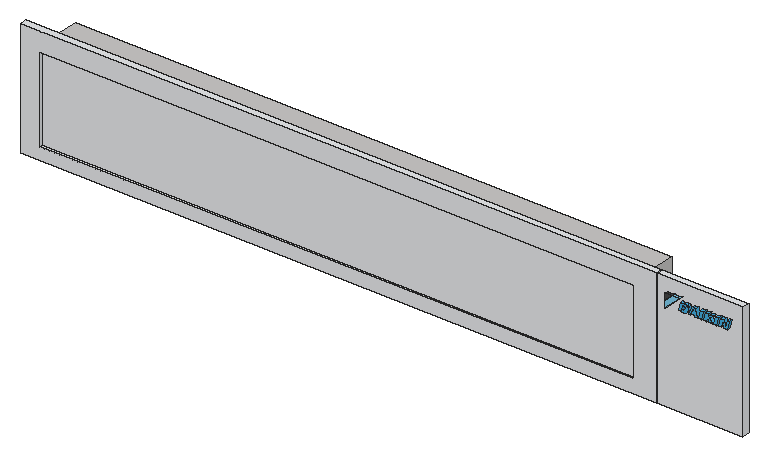
Revit family "outputfile", category 制気口, Revit 2024
Family settings
  丸型コネクタ寸法 = 直径を使用
  パーツ タイプ = 標準
  OmniClass 番号 = 23.75.70.21.27.11
  OmniClass タイトル = Diffusers, Registers, and Grilles
  作業面ベース = いいえ
  常に垂直 = はい
  ロード時にボイドで切り取り = いいえ
  注釈の向きを維持 = いいえ
  共有 = いいえ
  部屋計算ポイント = いいえ
Parameters (values of type "FPRAQ63APVM")
  Description = ""
  製造元 = "Daikin"
  書き出し IFC クラス(タイプ) = "IfcAirTerminalType"
  Default Elevation = 0 mm
  定義済み IFC タイプ(タイプ) = "GRILLE"
  Cost = 0
  モデル = "FPRAQ63APVM"
  Type Comments = ""
  Keynote = ""
  Type Image = (empty or 0)
  Assembly Code = ""
  Width = 1122 mm
  Version = "ver.1.0"
  Unit Type = "Moisture Control 3D Air Flow Ceiling Mounted Duct Type"
  Unit Designation [instance] = ""
  Uniclass2015Version = "Products v1.35"
  Uniclass2015Title = "Air grilles"
  Uniclass2015Code = "Pr_70_65_04_03"
  URL = ""
  Series = "VRV Fan Coil Unit"
  SA Duct Size Width = 856 mm
  SA Duct Size Height = 141 mm
  Material_Grille = DAIKIN_FreshWhite_Panel_indoorunit
  IfcVersion = ""
  IfcExportType = "GRILLE"
  IfcExportAs = "IfcAirTerminalType"
  Height = 180 mm
  FCU Tag No. [instance] = ""
  Design Supply Airflow [instance] = 0.00 m³/h
  Depth = 70 mm
Reference planes
  plane 1 "Center (Front/Back)": y = 0
  plane 2: z = 90
  plane 3 "Center (Left/Right)": x = 10
  plane 4: x = 571
  plane 5: x = 437
  plane 6: x = -551
  plane 7: z = -90
  plane 8: z = -90
  plane 9: z = -75
  plane 10: x = 504
  plane 11: x = -521
  plane 12 "Center (Elevation)": z = 0
  plane 13: y = -10
  plane 14: y = -5
  plane 15: y = 60
  plane 16: z = 70.5
  plane 17: x = 405
  plane 18: z = 60
  plane 19: z = -23
  plane 20: z = -70.5
  plane 21: x = 508.5
  plane 22: x = 468
  plane 23: x = -58
Forms (mm)
  Extrusion 1, solid, material "DAIKIN_FreshWhite_Panel_indoorunit" <- "Material_Grille"
    sketch origin (10, 0, 0) x (0, 1, 0) y (0, 0, 1)
      loop
        line (0, 90) -> (-10, 90) -> (-10, -90) -> (0, -90) -> (0, 90)
    from 427 to 561
  Extrusion 2, solid, material "DAIKIN_FreshWhite_Panel_indoorunit" <- "Material_Grille"
    sketch origin (10, 0, 0) x (0, 1, 0) y (0, 0, 1)
      loop
        line (-10, 90) -> (-10, -90) -> (0, -90) -> (0, 90) -> (-10, 90)
    from -561 to 427
  Extrusion 3, void
    sketch origin (0, 0, 0) x (1, 0, 0) y (0, 0, 1)
      loop
        line (-521, 61) -> (-521, -70.5) -> (400.5, -70.5) -> (400.5, 61) -> (-521, 61)
    from 10 to 5
  Extrusion 4, solid, material "DAIKIN_GalvanizedSteel_Casing_indoorunit"
    sketch origin (0, 0, 0) x (1, 0, 0) y (0, 1, 0)
      loop
        line (-521, 60) -> (-521, 0) -> (405, 0) -> (405, 60) -> (-521, 60)
    from -70.5 to 70.5
  Extrusion 5, solid, material "DAIKIN_GalvanizedSteel_Casing_indoorunit"
    sketch origin (0, 0, 0) x (1, 0, 0) y (0, 1, 0)
      loop
        line (483.049, 33) -> (469.7, 19.651) -> (469.7, 0) -> (538.3, 0) -> (538.3, 33) -> (483.049, 33)
    from -23 to 60
Cuts and joins
  Extrusion 3 cuts Extrusion 2
  Extrusion 3 cuts Extrusion 1
Dimensions and locks
  locked: plane 2 to plane 7 at 180
  locked: plane 2 to Extrusion 3 sketch curve at 29
  locked: plane 2 to plane 9 at 165
  locked: plane 4 to plane 5 at 134
  locked: plane 11 to plane 6 at 30
  locked: plane 13 to plane 1 "Center (Front/Back)" at 10
  equal spacing: plane 13, plane 14, plane 1 "Center (Front/Back)"
  plane 6 to plane 3 "Center (Left/Right)" = 561 mm
  equal spacing: plane 4, plane 10, plane 5
  locked: plane 2 to plane 16 at 19.5
  locked: plane 17 to plane 4 at 166
  equal spacing: Extrusion 5 sketch curve, plane 10, Extrusion 5 sketch curve
  locked: Extrusion 5 sketch curve to Extrusion 5 sketch curve at 68.6
  locked: plane 1 "Center (Front/Back)" to Extrusion 5 sketch curve at 33
  plane 2 to plane 18 = 30 mm  (x2)
  locked: plane 19 to plane 8 at 67
  locked: plane 20 to plane 8 at 19.5
  "Width": plane 6 to plane 4
  "Depth": plane 15 to plane 13
  "Height": plane 2 to plane 8
  locked: plane 4 to plane 21 at 62.5
  locked: plane 22 to plane 5 at 31
  equal spacing: plane 17, plane 23, plane 11
  equal spacing: plane 4, plane 3 "Center (Left/Right)", plane 6
  aligned and locked: Extrusion 1 to plane 5
  aligned and locked: plane 4 to Extrusion 1
  aligned and locked: plane 7 to Extrusion 2 sketch curve
  aligned and locked: Extrusion 2 to Extrusion 1
  aligned and locked: Extrusion 2 to plane 6
  aligned and locked: Extrusion 3 to plane 11
  aligned and locked: Extrusion 1 sketch curve to plane 2
  aligned and locked: plane 2 to Extrusion 2 sketch curve
  aligned and locked: level to plane 12 "Center (Elevation)"
  aligned and locked: Extrusion 1 sketch curve to plane 1 "Center (Front/Back)"
  aligned and locked: plane 1 "Center (Front/Back)" to Extrusion 4 sketch curve
  aligned and locked: plane 14 to Extrusion 3
  aligned and locked: plane 1 "Center (Front/Back)" to Extrusion 2 sketch curve
  aligned and locked: plane 13 to Extrusion 2 sketch curve
  aligned and locked: Extrusion 2 to Extrusion 3
  aligned and locked: plane 13 to Extrusion 1 sketch curve
  aligned and locked: plane 15 to Extrusion 4
  aligned and locked: Extrusion 4 to cut or joined group of Extrusion 2, Extrusion 3
  aligned and locked: nested 1 to plane 16
  aligned and locked: plane 10 to nested 1
  aligned and locked: nested 1 to plane 13
  aligned and locked: plane 17 to Extrusion 4
  aligned and locked: Extrusion 5 sketch curve to plane 1 "Center (Front/Back)"
  aligned and locked: plane 18 to Extrusion 5
  aligned and locked: Extrusion 5 to plane 19
  aligned and locked: Extrusion 4 to plane 20
  aligned and locked: Extrusion 3 to Extrusion 4
  aligned and locked: Extrusion 4 to plane 16
  aligned and locked: Extrusion 1 sketch curve to plane 8
Automatic sketch dimensions
  plane 6 to Extrusion 3 sketch curve = 30 mm
  Extrusion 3 sketch curve to plane 5 = 36.5 mm
  Extrusion 4 sketch curve to plane 10 = 99 mm
  Extrusion 4 sketch curve to plane 11 = 0 mm
  Extrusion 4 sketch curve to plane 1 "Center (Front/Back)" = 60 mm
  Extrusion 5 sketch curve to Extrusion 5 sketch curve = 13.349 mm  (x2)
  plane 20 to Extrusion 3 sketch curve = 0 mm
Nested families
  nested 1: "daikin_logo_elevation_w100" at (519, -10, 45.5), type "daikin_logo_elevation_w100"
    with show_logo yes
Connectors
  hvac at (-58, 60, 0), driven by "SA Duct Size Height", driven by "SA Duct Size Width", driven by "Design Supply Airflow"
    settings: on Extrusion 4, index 1, duct flow 0.00 m³/h, flow factor 0, pres drop 0.0 Pa, loss coef 0, conn angle 0.00°, conn width 856.0 mm, conn height 141.0 mm, conn diameter 609.6 mm, duct sys type 1, conn prof type 1, flow config 1, flow direction 1, loss method 4, conn ref index -1, conn util no, is conn primary yes, conn desc "SA Duct"
Definition of nested family "daikin_logo_elevation_w100"
  Parameters (values of type "daikin_logo_elevation_w100")
    width = 100 mm
    show_logo [instance] = yes
    material = none
    height = 25 mm
    depth = 5 mm
    Default Elevation = 0 mm
  Reference planes
    plane 1 "Center (Front/Back)": y = 0
    plane 2: z = 0
    plane 3 "Center (Left/Right)": x = -15
    plane 4 "left": x = -65
    plane 5 "right": x = 35
    plane 6: y = -5
    plane 7: z = 25
  Forms (mm)
    Extrusion 1, solid
      sketch origin (0, 0, 0) x (1, 0, 0) y (0, 0, 1)
        loop
          line (-65, 25) -> (-65, 14.753) -> (-53.814, 25) -> (-65, 25)
      from 0 to 5
    Extrusion 2, solid
      sketch origin (0, 0, 0) x (1, 0, 0) y (0, 0, 1)
        loop
          line (-42.019, 25) -> (-53.814, 25) -> (-65, 14.753) -> (-65, 3.87) -> (-42.019, 25)
      from 0 to 5
    Extrusion 3, solid
      sketch origin (0, 0, 0) x (1, 0, 0) y (0, 0, 1)
        loop
          line (-35.602, 20.041) -> (-41.486, 20.041) -> (-44.428, 8.274) -> (-35.602, 8.274)
          arc (-35.602, 8.274) -> (-32.105, 8.983) -> (-29.415, 11.329) r 6.978
          arc (-29.415, 11.329) -> (-28.233, 14.382) -> (-28.637, 17.63) r 6.701
          arc (-28.637, 17.63) -> (-29.469, 18.814) -> (-30.709, 19.559) r 3.49
          arc (-30.709, 19.559) -> (-33.138, 19.976) -> (-35.602, 20.041) r 17.114
        loop
          line (-38.544, 10.627) -> (-36.191, 10.627)
          arc (-36.191, 10.627) -> (-34.383, 11.838) -> (-33.335, 13.745) r 4.6
          arc (-33.335, 13.745) -> (-33.193, 15.202) -> (-33.538, 16.625) r 4.404
          arc (-33.538, 16.625) -> (-34.051, 17.128) -> (-34.72, 17.393) r 1.818
          line (-34.72, 17.393) -> (-37.073, 17.393) -> (-38.544, 10.627)
        loop
          line (-29.13, 8.274) -> (-25.894, 8.274) -> (-24.791, 10.333) -> (-20.158, 10.333) -> (-19.717, 8.274) -> (-14.422, 8.274) -> (-16.775, 20.041) -> (-22.659, 20.041) -> (-29.13, 8.274)
        loop
          line (-23.373, 12.98) -> (-20.725, 12.98) -> (-21.482, 16.511) -> (-23.373, 12.98)
        loop
          line (-10.009, 20.041) -> (-12.951, 8.274) -> (-7.95, 8.274) -> (-5.008, 20.041) -> (-10.009, 20.041)
        loop
          line (-5.008, 8.274) -> (-0.007, 8.274) -> (0.792, 11.472) -> (3.229, 8.274) -> (9.407, 8.274) -> (4.7, 14.451) -> (11.466, 20.041) -> (6.171, 20.041) -> (2.093, 16.672) -> (2.935, 20.041) -> (-2.066, 20.041) -> (-5.008, 8.274)
        loop
          line (10.583, 8.274) -> (15.879, 8.274) -> (18.82, 20.041) -> (13.819, 20.041) -> (10.583, 8.274)
        loop
          line (18.82, 8.274) -> (22.35, 8.274) -> (24.013, 14.925) -> (26.175, 8.274) -> (32.058, 8.274) -> (35, 20.041) -> (31.47, 20.041) -> (29.679, 12.878) -> (27.351, 20.041) -> (21.762, 20.041) -> (18.82, 8.274)
      from 0 to 5
  Lines and regions (mm)
    model lines
      curve 1: line (-42.019, 0, 25) -> (-52.024, 0, 25)
      curve 2: line (-52.024, 0, 25) -> (-65, 0, 13.114)
      curve 3: line (-65, 0, 13.114) -> (-65, 0, 3.87)
      curve 4: line (-65, 0, 3.87) -> (-42.019, 0, 25)
      curve 5: line (-65, 0, 14.753) -> (-65, 0, 25)
      curve 6: line (-65, 0, 25) -> (-53.814, 0, 25)
      curve 7: line (-53.814, 0, 25) -> (-65, 0, 14.753)
      curve 8: line (-20.725, 0, 12.98) -> (-23.373, 0, 12.98)
      curve 9: line (-23.373, 0, 12.98) -> (-21.482, 0, 16.511)
      curve 10: line (-21.482, 0, 16.511) -> (-20.725, 0, 12.98)
      curve 11: line (-19.717, 0, 8.274) -> (-20.158, 0, 10.333)
      curve 12: line (-20.158, 0, 10.333) -> (-24.791, 0, 10.333)
      curve 13: line (-24.791, 0, 10.333) -> (-25.894, 0, 8.274)
      curve 14: line (-25.894, 0, 8.274) -> (-29.13, 0, 8.274)
      curve 15: line (-29.13, 0, 8.274) -> (-22.659, 0, 20.041)
      curve 16: line (-22.659, 0, 20.041) -> (-16.775, 0, 20.041)
      curve 17: line (-36.191, 0, 10.627) -> (-38.544, 0, 10.627)
      curve 18: line (-38.544, 0, 10.627) -> (-37.073, 0, 17.393)
      curve 19: line (-37.073, 0, 17.393) -> (-34.72, 0, 17.393)
      curve 20: line (-5.008, 0, 20.041) -> (-10.009, 0, 20.041)
      curve 21: line (-10.009, 0, 20.041) -> (-12.951, 0, 8.274)
      curve 22: line (-12.951, 0, 8.274) -> (-7.95, 0, 8.274)
      curve 23: line (-7.95, 0, 8.274) -> (-5.008, 0, 20.041)
      curve 24: line (24.013, 0, 14.925) -> (22.35, 0, 8.274)
      curve 25: line (22.35, 0, 8.274) -> (18.82, 0, 8.274)
      curve 26: line (18.82, 0, 8.274) -> (21.762, 0, 20.041)
      curve 27: line (21.762, 0, 20.041) -> (27.351, 0, 20.041)
      curve 28: line (27.351, 0, 20.041) -> (29.679, 0, 12.878)
      curve 29: line (29.679, 0, 12.878) -> (31.47, 0, 20.041)
      curve 30: line (31.47, 0, 20.041) -> (35, 0, 20.041)
      curve 31: line (35, 0, 20.041) -> (32.058, 0, 8.274)
      curve 32: line (32.058, 0, 8.274) -> (26.175, 0, 8.274)
      curve 33: line (26.175, 0, 8.274) -> (24.013, 0, 14.925)
      curve 34: line (-16.775, 0, 20.041) -> (-14.422, 0, 8.274)
      curve 35: line (-14.422, 0, 8.274) -> (-19.717, 0, 8.274)
      curve 36: line (-35.602, 0, 20.041) -> (-41.486, 0, 20.041)
      curve 37: line (-41.486, 0, 20.041) -> (-44.428, 0, 8.274)
      curve 38: line (-44.428, 0, 8.274) -> (-35.602, 0, 8.274)
      curve 39: line (10.583, 0, 8.274) -> (15.879, 0, 8.274)
      curve 40: line (15.879, 0, 8.274) -> (18.82, 0, 20.041)
      curve 41: line (18.82, 0, 20.041) -> (13.819, 0, 20.041)
      curve 42: line (13.819, 0, 20.041) -> (10.583, 0, 8.274)
      curve 43: line (3.229, 0, 8.274) -> (0.792, 0, 11.472)
      curve 44: line (0.792, 0, 11.472) -> (-0.007, 0, 8.274)
      curve 45: line (-0.007, 0, 8.274) -> (-5.008, 0, 8.274)
      curve 46: line (-5.008, 0, 8.274) -> (-2.066, 0, 20.041)
      curve 47: line (-2.066, 0, 20.041) -> (2.935, 0, 20.041)
      curve 48: line (2.935, 0, 20.041) -> (2.093, 0, 16.672)
      curve 49: line (2.093, 0, 16.672) -> (6.171, 0, 20.041)
      curve 50: line (6.171, 0, 20.041) -> (11.466, 0, 20.041)
      curve 51: line (11.466, 0, 20.041) -> (4.7, 0, 14.451)
      curve 52: line (4.7, 0, 14.451) -> (9.407, 0, 8.274)
      curve 53: line (9.407, 0, 8.274) -> (3.229, 0, 8.274)
      curve 54: arc (-36.191, 0, 10.627) -> (-34.383, 0, 11.838) -> (-33.335, 0, 13.745) r 4.6
      curve 55: arc (-33.335, 0, 13.745) -> (-33.193, 0, 15.202) -> (-33.538, 0, 16.625) r 4.404
      curve 56: arc (-33.538, 0, 16.625) -> (-34.051, 0, 17.128) -> (-34.72, 0, 17.393) r 1.818
      curve 57: arc (-35.602, 0, 8.274) -> (-32.105, 0, 8.983) -> (-29.415, 0, 11.329) r 6.978
      curve 58: arc (-29.415, 0, 11.329) -> (-28.233, 0, 14.382) -> (-28.637, 0, 17.63) r 6.701
      curve 59: arc (-28.637, 0, 17.63) -> (-29.469, 0, 18.814) -> (-30.709, 0, 19.559) r 3.49
      curve 60: arc (-30.709, 0, 19.559) -> (-33.138, 0, 19.976) -> (-35.602, 0, 20.041) r 17.114
  Dimensions and locks
    "width": plane 4 "left" to plane 5 "right"
    "depth": plane 6 to plane 1 "Center (Front/Back)"
    equal spacing: plane 4 "left", plane 3 "Center (Left/Right)", plane 5 "right"
    "height": plane 7 to plane 2
    aligned and locked: level to plane 2
    aligned and locked: Extrusion 1 sketch curve to plane 4 "left"
    aligned and locked: Extrusion 1 sketch curve to plane 7
    aligned and locked: plane 7 to Extrusion 2 sketch curve
    aligned and locked: plane 4 "left" to Extrusion 2 sketch curve
    aligned and locked: Extrusion 3 to plane 6
    aligned and locked: Extrusion 1 to plane 6
    aligned and locked: Extrusion 2 to plane 6
  Automatic sketch dimensions
    plane 4 "left" to curve 5 = 0 mm
    plane 4 "left" to curve 2 = 0 mm
    curve 30 to plane 5 "right" = 0 mm
    curve 5 to curve 6 = 11.186 mm
    curve 6 to curve 2 = 1.79 mm
    curve 2 to curve 37 = 7.597 mm
    curve 2 to curve 1 = 10.005 mm
    curve 1 to curve 37 = 0.534 mm
    curve 37 to curve 18 = 5.884 mm
    curve 17 to curve 54 = 0.769 mm
    curve 54 to curve 55 = 0.188 mm
    curve 54 to curve 19 = 0.702 mm
    curve 17 to curve 17 = 2.353 mm
    curve 18 to curve 36 = 1.471 mm
    curve 17 to curve 38 = 0.588 mm
    curve 55 to curve 57 = 2.392 mm
    curve 57 to curve 56 = 0.152 mm
    curve 57 to curve 58 = 0.311 mm
    curve 57 to curve 60 = 0.787 mm
    curve 56 to curve 19 = 0.322 mm
    curve 19 to curve 59 = 2.873 mm
    curve 57 to curve 15 = 6.472 mm
    curve 14 to curve 13 = 3.236 mm
    curve 13 to curve 13 = 1.103 mm
    curve 12 to curve 8 = 1.418 mm
    curve 8 to curve 16 = 0.714 mm
    curve 15 to curve 10 = 1.177 mm
    curve 8 to curve 10 = 2.648 mm
    curve 8 to curve 12 = 0.567 mm
    curve 11 to curve 35 = 0.441 mm
    curve 16 to plane 3 "Center (Left/Right)" = 1.775 mm
    plane 3 "Center (Left/Right)" to curve 35 = 0.578 mm
    curve 34 to curve 21 = 1.471 mm
    plane 3 "Center (Left/Right)" to curve 21 = 4.991 mm
    curve 21 to curve 23 = 5.001 mm
    curve 20 to curve 23 = 5.001 mm
    curve 22 to curve 45 = 2.942 mm
    curve 20 to curve 47 = 2.942 mm
    curve 45 to curve 44 = 5.001 mm
    curve 44 to curve 44 = 0.799 mm
    curve 46 to curve 49 = 4.159 mm
    curve 49 to curve 48 = 0.842 mm
    curve 44 to curve 53 = 3.236 mm
    curve 48 to curve 52 = 2.607 mm
    curve 47 to curve 49 = 3.236 mm
    curve 43 to curve 53 = 6.178 mm
    curve 52 to curve 39 = 1.177 mm
    curve 49 to curve 51 = 5.295 mm
    curve 50 to curve 41 = 2.353 mm
    curve 39 to curve 39 = 5.295 mm
    curve 41 to curve 40 = 5.001 mm
    curve 39 to curve 25 = 2.942 mm
    curve 40 to curve 26 = 2.942 mm
    curve 25 to curve 24 = 3.53 mm
    curve 26 to curve 33 = 2.251 mm
    curve 24 to curve 33 = 3.824 mm
    curve 26 to curve 27 = 5.589 mm
    curve 29 to plane 5 "right" = 5.321 mm
    curve 29 to curve 30 = 3.53 mm
    curve 31 to plane 5 "right" = 2.942 mm
    curve 60 to plane 7 = 22.055 mm
    curve 60 to curve 3 = 0.925 mm
    curve 60 to curve 37 = 5.329 mm
    curve 60 to curve 34 = 5.329 mm
    curve 32 to curve 34 = 0 mm
    curve 39 to curve 32 = 0 mm
    curve 43 to curve 39 = 0 mm
    curve 26 to curve 39 = 0 mm
    curve 23 to curve 34 = 0 mm
    curve 13 to curve 11 = 0 mm
    curve 44 to curve 43 = 0 mm
    curve 11 to curve 11 = 2.059 mm
    curve 38 to curve 17 = 2.353 mm
    curve 44 to curve 43 = 3.198 mm
    curve 31 to curve 29 = 4.604 mm
    curve 12 to curve 8 = 2.648 mm
    curve 4 to curve 2 = 9.244 mm
    curve 43 to curve 51 = 2.98 mm
    curve 2 to curve 5 = 1.639 mm
    curve 17 to curve 55 = 4.265 mm
    curve 28 to curve 24 = 2.046 mm
    curve 55 to curve 54 = 0.053 mm
    curve 55 to curve 58 = 0.311 mm
    curve 58 to curve 57 = 0.037 mm
    curve 57 to curve 56 = 0.364 mm
    curve 58 to curve 59 = 1.057 mm
    curve 8 to curve 9 = 3.53 mm
    curve 51 to curve 48 = 2.22 mm
    curve 54 to curve 18 = 2.447 mm
    curve 22 to curve 21 = 11.767 mm
    curve 46 to curve 20 = 0 mm
    curve 24 to curve 26 = 5.116 mm
    curve 49 to curve 47 = 0 mm
    curve 42 to curve 50 = 0 mm
    curve 9 to curve 16 = 3.53 mm
    curve 29 to curve 27 = 0 mm
    curve 18 to curve 37 = 2.648 mm
    curve 36 to curve 6 = 4.959 mm
    curve 36 to curve 4 = 4.959 mm
    curve 19 to curve 55 = 1.182 mm
    curve 59 to curve 60 = 1.138 mm
    curve 58 to curve 14 = 0.285 mm
    Extrusion 1 sketch curve to plane 4 "left" = 11.186 mm
    Extrusion 1 sketch curve to plane 7 = 10.247 mm
    Extrusion 2 sketch curve to plane 4 "left" = 22.981 mm
    Extrusion 2 sketch curve to plane 7 = 10.247 mm
    level to Extrusion 2 sketch curve = 3.87 mm
    Extrusion 2 sketch curve to plane 4 "left" = 11.186 mm
    Extrusion 3 sketch curve to plane 7 = 4.959 mm  (x5)
    Extrusion 3 sketch curve to plane 3 "Center (Left/Right)" = 20.602 mm
    level to Extrusion 3 sketch curve = 2.945 mm
    Extrusion 3 sketch curve to Extrusion 3 sketch curve = 0.787 mm  (x2)
    Extrusion 3 sketch curve to Extrusion 3 sketch curve = 5.884 mm
    Extrusion 3 sketch curve to Extrusion 3 sketch curve = 4.894 mm
    Extrusion 3 sketch curve to Extrusion 3 sketch curve = 1.138 mm
    Extrusion 3 sketch curve to Extrusion 3 sketch curve = 3.299 mm
    Extrusion 3 sketch curve to Extrusion 3 sketch curve = 2.072 mm
    Extrusion 3 sketch curve to Extrusion 3 sketch curve = 3.036 mm
    Extrusion 3 sketch curve to Extrusion 3 sketch curve = 1.057 mm
    Extrusion 3 sketch curve to Extrusion 3 sketch curve = 2.432 mm
    Extrusion 3 sketch curve to Extrusion 3 sketch curve = 0.311 mm
    Extrusion 3 sketch curve to Extrusion 3 sketch curve = 0.037 mm
    Extrusion 3 sketch curve to Extrusion 3 sketch curve = 8.825 mm
    Extrusion 3 sketch curve to plane 7 = 7.607 mm
    Extrusion 3 sketch curve to Extrusion 3 sketch curve = 1.879 mm
    Extrusion 3 sketch curve to Extrusion 3 sketch curve = 2.942 mm  (x5)
    Extrusion 3 sketch curve to Extrusion 3 sketch curve = 0.163 mm
    Extrusion 3 sketch curve to Extrusion 3 sketch curve = 0.152 mm
    Extrusion 3 sketch curve to Extrusion 3 sketch curve = 0.364 mm
    Extrusion 3 sketch curve to Extrusion 3 sketch curve = 1.182 mm
    Extrusion 3 sketch curve to Extrusion 3 sketch curve = 2.392 mm
    Extrusion 3 sketch curve to Extrusion 3 sketch curve = 0.348 mm
    Extrusion 3 sketch curve to Extrusion 3 sketch curve = 1.548 mm
    Extrusion 3 sketch curve to Extrusion 3 sketch curve = 0.188 mm
    Extrusion 3 sketch curve to Extrusion 3 sketch curve = 0.053 mm
    Extrusion 3 sketch curve to Extrusion 3 sketch curve = 2.353 mm  (x2)
    Extrusion 3 sketch curve to Extrusion 3 sketch curve = 5.979 mm
    Extrusion 3 sketch curve to Extrusion 3 sketch curve = 0.285 mm
    Extrusion 3 sketch curve to plane 3 "Center (Left/Right)" = 1.775 mm
    Extrusion 3 sketch curve to Extrusion 3 sketch curve = 3.056 mm
    plane 3 "Center (Left/Right)" to Extrusion 3 sketch curve = 0.578 mm
    Extrusion 3 sketch curve to plane 3 "Center (Left/Right)" = 4.717 mm
    Extrusion 3 sketch curve to Extrusion 3 sketch curve = 0.441 mm
    Extrusion 3 sketch curve to Extrusion 3 sketch curve = 2.059 mm  (x2)
    Extrusion 3 sketch curve to Extrusion 3 sketch curve = 4.633 mm
    Extrusion 3 sketch curve to Extrusion 3 sketch curve = 1.103 mm
    Extrusion 3 sketch curve to Extrusion 3 sketch curve = 1.177 mm  (x2)
    Extrusion 3 sketch curve to Extrusion 3 sketch curve = 3.53 mm  (x2)
    Extrusion 3 sketch curve to Extrusion 3 sketch curve = 1.418 mm
    Extrusion 3 sketch curve to Extrusion 3 sketch curve = 2.648 mm  (x2)
    plane 3 "Center (Left/Right)" to Extrusion 3 sketch curve = 4.991 mm
    Extrusion 3 sketch curve to Extrusion 3 sketch curve = 1.471 mm
    Extrusion 3 sketch curve to Extrusion 3 sketch curve = 5.001 mm  (x4)
    Extrusion 3 sketch curve to Extrusion 3 sketch curve = 0 mm  (x8)
    Extrusion 3 sketch curve to plane 7 = 8.328 mm
    Extrusion 3 sketch curve to Extrusion 3 sketch curve = 0.842 mm
    Extrusion 3 sketch curve to Extrusion 3 sketch curve = 3.236 mm  (x2)
    Extrusion 3 sketch curve to Extrusion 3 sketch curve = 5.295 mm  (x2)
    Extrusion 3 sketch curve to Extrusion 3 sketch curve = 2.607 mm
    Extrusion 3 sketch curve to Extrusion 3 sketch curve = 2.22 mm
    Extrusion 3 sketch curve to Extrusion 3 sketch curve = 4.707 mm
    Extrusion 3 sketch curve to Extrusion 3 sketch curve = 6.178 mm
    Extrusion 3 sketch curve to Extrusion 3 sketch curve = 2.436 mm
    Extrusion 3 sketch curve to Extrusion 3 sketch curve = 3.198 mm
    Extrusion 3 sketch curve to Extrusion 3 sketch curve = 5.589 mm
    Extrusion 3 sketch curve to plane 5 "right" = 5.321 mm
    Extrusion 3 sketch curve to Extrusion 3 sketch curve = 7.163 mm
    Extrusion 3 sketch curve to plane 5 "right" = 3.53 mm
    Extrusion 3 sketch curve to plane 5 "right" = 0 mm
    Extrusion 3 sketch curve to plane 5 "right" = 2.942 mm
    Extrusion 3 sketch curve to Extrusion 3 sketch curve = 4.604 mm
    Extrusion 3 sketch curve to Extrusion 3 sketch curve = 3.504 mm
    Extrusion 3 sketch curve to Extrusion 3 sketch curve = 2.251 mm
    Extrusion 3 sketch curve to Extrusion 3 sketch curve = 5.116 mm
